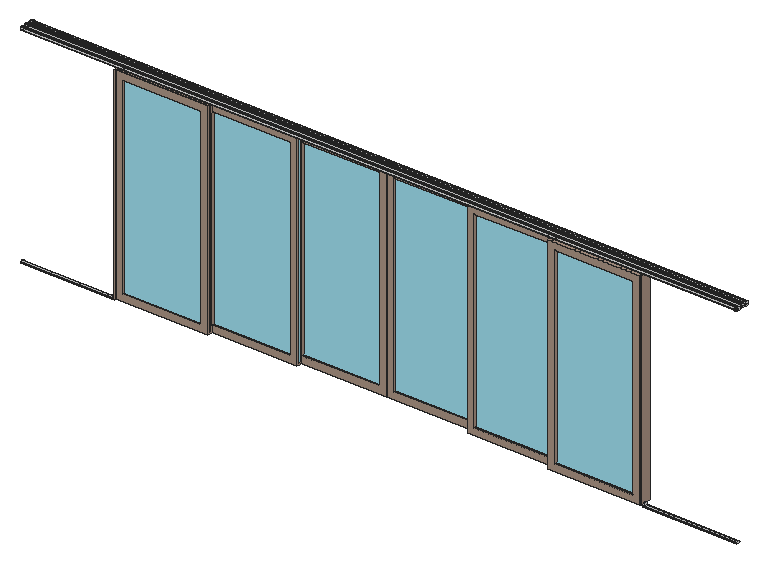
Revit family "Slido 6S Panel Pocket SPW6S XRDLP", category Doors, host Wall, Revit 2016
Family settings
  Host = Wall
  Always vertical = Yes
  Cut with Voids When Loaded = No
  Shared = No
  Room Calculation Point = No
Parameters (values of type "234"x 94 3/8"")
  URL = "www.raydoor.com"
  Type Image = SPW6S.jpg
  Thickness = 2 1/4"  # constant formula
  Rough Width = 1"  # constant formula
  Rough Height = Width / 5.4419  # 43"
  Model = "SPW6S"
  Function = Interior
  Door Material = Door - Panel
  Panel Material = Glass, Cast, Gray
  Height = 94 3/8"
  Trim Projection Ext = 63/64"  # constant formula
  Typ = 3"  # constant formula
  Wall Closure = By host
  Width = 234"
  Assembly Code = "SPW6S XRDLP"
Reference planes (in)
  plane 1: y = 0.00227
  plane 2: z = 0
  plane 3: x = 43
  plane 4: x = -74
  plane 5: x = 160
  plane 6: z = 94.375
  plane 7: x = 157
  plane 8: x = 158.5
  plane 9: x = 119
  plane 10: x = 120.5
  plane 11: x = 122
  plane 12: x = -72.5
  plane 13: x = -71
  plane 14: x = 203.00001
  plane 15: x = 201.00001
  plane 16: z = 92.375
  plane 17: y = -1.12191
  plane 18: y = -3.62191
  plane 19: y = 1.12809
  plane 20: y = -1.37191
  plane 21: y = 1.37809
  plane 22: y = 3.62809
  plane 23: x = 3.5
  plane 24: x = 5
  plane 25: x = 2
  plane 26: x = 44.5
  plane 27: x = 41.5
  plane 28: x = 46
  plane 29: x = 40
  plane 30: x = 81
  plane 31: x = 82.5
  plane 32: x = 84
  plane 33: x = -34.5
  plane 34: x = -33
  plane 35: x = -36
  plane 36: x = -117
  plane 37: x = -115
Forms (in)
  Extrusion 1, void
    sketch origin (-99, -4.30616, 0.25) x (1, 0, 0) y (0, 0, 1)
      loop
        line (259, -0.25) -> (302.00001, -0.25) -> (302.00001, 94.125) -> (259, 94.125) -> (259, -0.25)
    from -8.30842 to -0.30842
  Extrusion 2, void
    sketch origin (-195.25, -5.58383, 0.25) x (1, 0, 0) y (0, 0, 1)
      loop
        line (121.25, -0.25) -> (355.25, -0.25) -> (355.25, 94.125) -> (121.25, 94.125) -> (121.25, -0.25)
    from -12.58609 to 1.41391
  Extrusion 3, solid, material "Door - Panel" <- "Door Material"
    sketch origin (-58, 1.37582, 0.25) x (1, 0, 0) y (0, 0, 1)
      loop
        line (177, 92.125) -> (177, 0.5) -> (218, 0.5) -> (218, 92.125) -> (177, 92.125)
      loop
        line (180, 89.125) -> (180, 3.5) -> (215, 3.5) -> (215, 89.125) -> (180, 89.125)
    from 2.74773 to 4.99609
  Extrusion 4, solid, material "Glass, Cast, Gray" <- "Panel Material"
    sketch origin (-57.74997, -28.72623, 0.25) x (1, 0, 0) y (0, 0, 1)
      loop
        line (176.74998, 92.125) -> (176.74998, 1.375) -> (217.74999, 1.375) -> (217.74999, 92.125) -> (176.74998, 92.125)
    from -26.35104 to -26.10268
  Extrusion 5, void
    sketch origin (-58, -10.89076, -90.75) x (1, 0, 0) y (0, 0, 1)
      loop
        line (177, 92.375) -> (177, 91.5) -> (218, 91.5) -> (218, 92.375) -> (177, 92.375)
    from -8.51557 to -8.26721
  Extrusion 6, solid, material "Door - Panel" <- "Door Material"
    sketch origin (-99, -0.87481, 0.25) x (1, 0, 0) y (0, 0, 1)
      loop
        line (180, 92.125) -> (180, 0.5) -> (221.00001, 0.5) -> (221.00001, 92.125) -> (180, 92.125)
      loop
        line (183, 89.125) -> (183, 3.5) -> (218, 3.5) -> (218, 89.125) -> (183, 89.125)
    from -2.00126 to 0.2471
  Extrusion 7, solid, material "Glass, Cast, Gray" <- "Panel Material"
    sketch origin (-98.99995, -5.33855, 0.25) x (1, 0, 0) y (0, 0, 1)
      loop
        line (179.99995, 92.125) -> (179.99995, 1.375) -> (221.00001, 1.375) -> (221.00001, 92.125) -> (179.99995, 92.125)
    from -5.465 to -5.21664
  Extrusion 8, void
    sketch origin (-99, -13.13912, -90.75) x (1, 0, 0) y (0, 0, 1)
      loop
        line (180, 92.375) -> (180, 91.5) -> (221, 91.5) -> (221, 92.375) -> (180, 92.375)
    from -13.26557 to -13.01721
  Extrusion 9, solid, material "UHMW, White", detail levels medium+fine
    sketch origin (88.27771, -2.98033, 0.25) x (0, 1, 0) y (0, 0, 1)
      loop
        line (-0.04289, 93.875) -> (-0.04289, 92.95898) -> (1.00562, 92.95898) -> (1.00562, 93.875) -> (-0.04289, 93.875)
    from 30.7223 to 33.7223
  Extrusion 10, solid, material "UHMW, White"
    sketch origin (0, 41.42165, -9.0893) x (0, 1, 0) y (0, 0, 1)
      loop
        line (-41.23991, 103.37055) -> (-41.23991, 103.28596) -> (-41.18064, 103.28596) -> (-41.18064, 103.37055) -> (-41.00676, 103.37055) -> (-41.00676, 103.24091) -> (-40.8724, 103.22916) -> (-40.8724, 102.36784) -> (-40.90402, 102.24985) -> (-41.12136, 102.23084) -> (-41.12136, 102.15084) -> (-40.92345, 102.15084)
        arc (-40.92345, 102.15084) -> (-40.88156, 102.17182) -> (-40.83967, 102.15084) r 0.0523
        arc (-40.83967, 102.15084) -> (-40.81252, 102.16209) -> (-40.80127, 102.18925) r 0.0384
        line (-40.80127, 102.18925) -> (-40.80127, 103.34523) -> (-40.84079, 103.34523)
        arc (-40.84079, 103.34523) -> (-40.90599, 103.30759) -> (-40.90599, 103.38288) r 0.04347
        line (-40.90599, 103.38288) -> (-40.90599, 103.4643) -> (-41.9295, 103.4643) -> (-41.9295, 103.38288)
        arc (-41.9295, 103.38288) -> (-41.9295, 103.30759) -> (-41.9947, 103.34523) r 0.04347
        line (-41.9947, 103.34523) -> (-42.03422, 103.34523) -> (-42.03422, 102.18925)
        arc (-42.03422, 102.18925) -> (-42.02297, 102.16209) -> (-41.99581, 102.15084) r 0.0384
        arc (-41.99581, 102.15084) -> (-41.95393, 102.17182) -> (-41.91204, 102.15084) r 0.0523
        line (-41.91204, 102.15084) -> (-41.71412, 102.15084) -> (-41.71412, 102.23084) -> (-41.93147, 102.24985) -> (-41.96309, 102.36784) -> (-41.96309, 103.22916) -> (-41.82873, 103.24091) -> (-41.82873, 103.37055) -> (-41.65485, 103.37055) -> (-41.65485, 103.28596) -> (-41.59557, 103.28596) -> (-41.59557, 103.37055) -> (-41.23991, 103.37055)
    from -117 to 203.00001
  Extrusion 11, solid, material "UHMW, White"
    sketch origin (-41.44048, 0.51566, 94.375) x (0, -1, 0) y (1, 0, 0)
      loop
        circle (3.01213, 161.94048) r 0.125
    from -2 to -0.09375
  Extrusion 12, solid, material "UHMW, White"
    sketch origin (0, 39.17329, -9.0893) x (0, 1, 0) y (0, 0, 1)
      loop
        line (-41.49257, 103.37055) -> (-41.49257, 103.28596) -> (-41.43329, 103.28596) -> (-41.43329, 103.37055) -> (-41.25941, 103.37055) -> (-41.25941, 103.24091) -> (-41.12505, 103.22916) -> (-41.12505, 102.36784) -> (-41.15667, 102.24985) -> (-41.37401, 102.23084) -> (-41.37401, 102.15084) -> (-41.1761, 102.15084)
        arc (-41.1761, 102.15084) -> (-41.13421, 102.17182) -> (-41.09232, 102.15084) r 0.0523
        arc (-41.09232, 102.15084) -> (-41.06517, 102.16209) -> (-41.05392, 102.18925) r 0.0384
        line (-41.05392, 102.18925) -> (-41.05392, 103.34523) -> (-41.09344, 103.34523)
        arc (-41.09344, 103.34523) -> (-41.15864, 103.30759) -> (-41.15864, 103.38288) r 0.04347
        line (-41.15864, 103.38288) -> (-41.15864, 103.4643) -> (-42.18215, 103.4643) -> (-42.18215, 103.38288)
        arc (-42.18215, 103.38288) -> (-42.18215, 103.30759) -> (-42.24735, 103.34523) r 0.04347
        line (-42.24735, 103.34523) -> (-42.28687, 103.34523) -> (-42.28687, 102.18925)
        arc (-42.28687, 102.18925) -> (-42.27562, 102.16209) -> (-42.24846, 102.15084) r 0.0384
        arc (-42.24846, 102.15084) -> (-42.20658, 102.17182) -> (-42.16469, 102.15084) r 0.0523
        line (-42.16469, 102.15084) -> (-41.96678, 102.15084) -> (-41.96678, 102.23084) -> (-42.18412, 102.24985) -> (-42.21574, 102.36784) -> (-42.21574, 103.22916) -> (-42.08138, 103.24091) -> (-42.08138, 103.37055) -> (-41.9075, 103.37055) -> (-41.9075, 103.28596) -> (-41.84822, 103.28596) -> (-41.84822, 103.37055) -> (-41.49257, 103.37055)
    from -117 to 203.00001
  Extrusion 13, solid, material "UHMW, White"
    sketch origin (-92.86615, -12.3062, 94.375) x (0, -1, 0) y (1, 0, 0)
      loop
        circle (-14.81011, 134.36616) r 0.125
    from -2 to 0
  Extrusion 14, solid, material "UHMW, White", detail levels medium+fine
    sketch origin (128.77771, -2.98033, 0.25) x (0, 1, 0) y (0, 0, 1)
      loop
        line (1.16764, -0.25) -> (1.16764, -0.0625) -> (0.60514, -0.0625) -> (0.60514, 0.75) -> (0.41764, 0.75) -> (0.41764, -0.0625) -> (-0.14486, -0.0625) -> (-0.14486, -0.25) -> (1.16764, -0.25)
    from 31.9723 to 74.2223
  Extrusion 15, solid, material "Door - Panel" <- "Door Material"
    sketch origin (0, -1.24691, 0) x (1, 0, 0) y (0, 1, 0)
      loop
        line (160, -2.375) -> (160.75, -2.375) -> (160.75, 2.375) -> (160, 2.375) -> (160, -2.375)
    from 0.75 to 92.375
  Extrusion 16, solid, material "UHMW, White", detail levels medium+fine
    sketch origin (129.52771, -2.98033, 0.5) x (0, 1, 0) y (0, 0, 1)
      loop
        line (1.16764, 1.25) -> (-0.14486, 1.25) -> (-0.14486, 0.25) -> (0.41764, 0.25) -> (0.41764, 0.75) -> (0.60514, 0.75) -> (0.60514, 0.25) -> (1.16764, 0.25) -> (1.16764, 1.25)
    from 31.2223 to 32.2223
  Extrusion 17, solid, material "Door - Panel" <- "Door Material"
    sketch origin (-99, 1.62519, 0.25) x (1, 0, 0) y (0, 0, 1)
      loop
        line (142, 92.125) -> (142, 0.5) -> (183, 0.5) -> (183, 92.125) -> (142, 92.125)
      loop
        line (180, 89.125) -> (145, 89.125) -> (145, 3.5) -> (180, 3.5) -> (180, 89.125)
    from -2.00126 to 0.2471
  Extrusion 18, solid, material "Glass, Cast, Gray" <- "Panel Material"
    sketch origin (-98.99995, -2.83855, 0.25) x (1, 0, 0) y (0, 0, 1)
      loop
        line (141.99995, 92.125) -> (141.99995, 1.375) -> (182.99995, 1.375) -> (182.99995, 92.125) -> (141.99995, 92.125)
    from -5.465 to -5.21664
  Extrusion 19, void
    sketch origin (-99, -10.63912, -90.75) x (1, 0, 0) y (0, 0, 1)
      loop
        line (142, 92.375) -> (142, 91.5) -> (183, 91.5) -> (183, 92.375) -> (142, 92.375)
    from -13.26557 to -13.01721
  Extrusion 20, solid, material "UHMW, White"
    sketch origin (0, 43.92165, -9.0893) x (0, 1, 0) y (0, 0, 1)
      loop
        line (-41.24093, 103.37055) -> (-41.24093, 103.28596) -> (-41.18165, 103.28596) -> (-41.18165, 103.37055) -> (-41.00777, 103.37055) -> (-41.00777, 103.24091) -> (-40.87341, 103.22916) -> (-40.87341, 102.36784) -> (-40.90503, 102.24985) -> (-41.12237, 102.23084) -> (-41.12237, 102.15084) -> (-40.92446, 102.15084)
        arc (-40.92446, 102.15084) -> (-40.88257, 102.17182) -> (-40.84068, 102.15084) r 0.0523
        arc (-40.84068, 102.15084) -> (-40.81353, 102.16209) -> (-40.80228, 102.18925) r 0.0384
        line (-40.80228, 102.18925) -> (-40.80228, 103.34523) -> (-40.8418, 103.34523)
        arc (-40.8418, 103.34523) -> (-40.907, 103.30759) -> (-40.907, 103.38288) r 0.04347
        line (-40.907, 103.38288) -> (-40.907, 103.4643) -> (-41.93051, 103.4643) -> (-41.93051, 103.38288)
        arc (-41.93051, 103.38288) -> (-41.93051, 103.30759) -> (-41.99571, 103.34523) r 0.04347
        line (-41.99571, 103.34523) -> (-42.03523, 103.34523) -> (-42.03523, 102.18925)
        arc (-42.03523, 102.18925) -> (-42.02398, 102.16209) -> (-41.99683, 102.15084) r 0.0384
        arc (-41.99683, 102.15084) -> (-41.95494, 102.17182) -> (-41.91305, 102.15084) r 0.0523
        line (-41.91305, 102.15084) -> (-41.71514, 102.15084) -> (-41.71514, 102.23084) -> (-41.93248, 102.24985) -> (-41.9641, 102.36784) -> (-41.9641, 103.22916) -> (-41.82974, 103.24091) -> (-41.82974, 103.37055) -> (-41.65586, 103.37055) -> (-41.65586, 103.28596) -> (-41.59658, 103.28596) -> (-41.59658, 103.37055) -> (-41.24093, 103.37055)
    from -117 to 203.00001
  Extrusion 21, solid, material "UHMW, White"
    sketch origin (-92.86615, -9.80721, 94.375) x (0, -1, 0) y (1, 0, 0)
      loop
        circle (-12.31112, 137.36616) r 0.125
    from -2 to 0
  Extrusion 22, solid, material "UHMW, White", detail levels medium+fine
    sketch origin (195.8152, 2.01967, 0.25) x (0, 1, 0) y (0, 0, 1)
      loop
        line (-0.04125, 93.875) -> (-0.04125, 92.95898) -> (1.00726, 92.95898) -> (1.00726, 93.875) -> (-0.04125, 93.875)
    from -152.8152 to -149.8152
  Extrusion 23, solid, material "Door - Panel" <- "Door Material"
    sketch origin (-140, 1.62519, 0.25) x (1, 0, 0) y (0, 0, 1)
      loop
        line (142, 92.125) -> (142, 0.5) -> (183, 0.5) -> (183, 92.125) -> (142, 92.125)
      loop
        line (180, 89.125) -> (145, 89.125) -> (145, 3.5) -> (180, 3.5) -> (180, 89.125)
    from -2.0029 to 0.2471
  Extrusion 24, solid, material "Glass, Cast, Gray" <- "Panel Material"
    sketch origin (-139.99995, -2.83855, 0.25) x (1, 0, 0) y (0, 0, 1)
      loop
        line (141.99995, 92.125) -> (141.99995, 1.375) -> (182.99995, 1.375) -> (182.99995, 92.125) -> (141.99995, 92.125)
    from -5.46664 to -5.21828
  Extrusion 25, void
    sketch origin (-140, -10.63912, -90.75) x (1, 0, 0) y (0, 0, 1)
      loop
        line (142, 92.375) -> (142, 91.5) -> (183, 91.5) -> (183, 92.375) -> (142, 92.375)
    from -13.26557 to -13.01721
  Extrusion 26, solid, material "UHMW, White", detail levels medium+fine
    sketch origin (154.8152, 2.01967, 0.25) x (0, 1, 0) y (0, 0, 1)
      loop
        line (-0.04125, 93.875) -> (-0.04125, 92.95898) -> (1.00726, 92.95898) -> (1.00726, 93.875) -> (-0.04125, 93.875)
    from -152.8152 to -149.8152
  Extrusion 27, solid, material "UHMW, White"
    sketch origin (-92.86615, -14.8062, 94.375) x (0, -1, 0) y (1, 0, 0)
      loop
        circle (-14.81011, 175.36616) r 0.125
    from -2 to 0
  Extrusion 28, solid, material "Door - Panel" <- "Door Material"
    sketch origin (-216, -0.87481, 0.25) x (1, 0, 0) y (0, 0, 1)
      loop
        line (180, 92.125) -> (180, 0.5) -> (221, 0.5) -> (221, 92.125) -> (180, 92.125)
      loop
        line (183, 89.125) -> (183, 3.5) -> (218, 3.5) -> (218, 89.125) -> (183, 89.125)
    from -2.0029 to 0.2471
  Extrusion 29, solid, material "Glass, Cast, Gray" <- "Panel Material"
    sketch origin (-215.99995, -5.33855, 0.25) x (1, 0, 0) y (0, 0, 1)
      loop
        line (179.99995, 92.125) -> (179.99995, 1.375) -> (220.99995, 1.375) -> (220.99995, 92.125) -> (179.99995, 92.125)
    from -5.46664 to -5.21828
  Extrusion 30, void
    sketch origin (-216, -13.13912, -90.75) x (1, 0, 0) y (0, 0, 1)
      loop
        line (180, 92.375) -> (180, 91.5) -> (221, 91.5) -> (221, 92.375) -> (180, 92.375)
    from -13.26557 to -13.01721
  Extrusion 31, solid, material "UHMW, White"
    sketch origin (-209.86615, -14.8062, 94.375) x (0, -1, 0) y (1, 0, 0)
      loop
        circle (-14.81011, 213.36616) r 0.125
    from -2 to 0
  Extrusion 32, solid, material "Door - Panel" <- "Door Material"
    sketch origin (-251, 1.37582, 0.25) x (1, 0, 0) y (0, 0, 1)
      loop
        line (177, 92.125) -> (177, 0.5) -> (218, 0.5) -> (218, 92.125) -> (177, 92.125)
      loop
        line (180, 89.125) -> (180, 3.5) -> (215, 3.5) -> (215, 89.125) -> (180, 89.125)
    from 2.74773 to 4.99773
  Extrusion 33, solid, material "Glass, Cast, Gray" <- "Panel Material"
    sketch origin (-250.74997, -28.72623, 0.25) x (1, 0, 0) y (0, 0, 1)
      loop
        line (176.74998, 92.125) -> (176.74998, 1.375) -> (217.74998, 1.375) -> (217.74998, 92.125) -> (176.74998, 92.125)
    from -26.35104 to -26.10268
  Extrusion 34, void
    sketch origin (-251, -10.89076, -90.75) x (1, 0, 0) y (0, 0, 1)
      loop
        line (177, 92.375) -> (177, 91.5) -> (218, 91.5) -> (218, 92.375) -> (177, 92.375)
    from -8.51557 to -8.26721
  Extrusion 35, solid, material "UHMW, White", detail levels medium+fine
    sketch origin (-104.72229, -2.98033, 0.25) x (0, 1, 0) y (0, 0, 1)
      loop
        line (-0.04289, 93.875) -> (-0.04289, 92.95898) -> (1.00562, 92.95898) -> (1.00562, 93.875) -> (-0.04289, 93.875)
    from 30.7223 to 33.7223
  Extrusion 36, solid, material "UHMW, White"
    sketch origin (-234.44048, 0.51566, 94.375) x (0, -1, 0) y (1, 0, 0)
      loop
        circle (3.01213, 199.94048) r 0.125
    from -2 to -0.09375
  Extrusion 37, void
    sketch origin (185.00001, -4.30616, 0.25) x (-1, 0, 0) y (0, 0, -1)
      loop
        line (259, 0.25) -> (259, -94.125) -> (302.00001, -94.125) -> (302.00001, 0.25) -> (259, 0.25)
    from -8.30842 to -0.30842
  Extrusion 38, solid, material "UHMW, White", detail levels medium+fine
    sketch origin (-42.7777, -2.98033, 0.25) x (0, 1, 0) y (0, 0, -1)
      loop
        line (1.16764, 0.25) -> (-0.14486, 0.25) -> (-0.14486, 0.0625) -> (0.41764, 0.0625) -> (0.41764, -0.75) -> (0.60514, -0.75) -> (0.60514, 0.0625) -> (1.16764, 0.0625) -> (1.16764, 0.25)
    from 31.9723 to 74.2223
  Extrusion 39, solid, material "Door - Panel" <- "Door Material"
    sketch origin (86.00001, -1.24691, 0) x (-1, 0, 0) y (0, -1, 0)
      loop
        line (160, 2.375) -> (160, -4.875) -> (160.75, -4.875) -> (160.75, 2.375) -> (160, 2.375)
    from 0.75 to 92.375
  Extrusion 40, solid, material "UHMW, White", detail levels medium+fine
    sketch origin (-43.5277, -2.98033, 0.5) x (0, 1, 0) y (0, 0, -1)
      loop
        line (1.16764, -1.25) -> (1.16764, -0.25) -> (0.60514, -0.25) -> (0.60514, -0.75) -> (0.41764, -0.75) -> (0.41764, -0.25) -> (-0.14486, -0.25) -> (-0.14486, -1.25) -> (1.16764, -1.25)
    from 31.2223 to 32.2223
Cuts and joins
  Extrusion 5, Extrusion 34, Extrusion 37 cuts Extrusion 3
  Extrusion 5, Extrusion 34, Extrusion 37 cuts Extrusion 4
  Extrusion 5, Extrusion 34, Extrusion 37 cuts Extrusion 14
  Extrusion 5, Extrusion 34, Extrusion 37 cuts Extrusion 15
  Extrusion 8, Extrusion 19, Extrusion 30 cuts Extrusion 6
  Extrusion 8, Extrusion 19, Extrusion 30 cuts Extrusion 7
  Extrusion 19, Extrusion 25 cuts Extrusion 17
  Extrusion 19, Extrusion 25 cuts Extrusion 18
  Extrusion 25 cuts Extrusion 23
  Extrusion 25 cuts Extrusion 24
  Extrusion 30 cuts Extrusion 28
  Extrusion 30 cuts Extrusion 29
  Extrusion 34 cuts Extrusion 32
  Extrusion 34 cuts Extrusion 33
  Extrusion 37 cuts Extrusion 16
Lines and regions (in)
  Masking region 1
    outline origin (-7.24693, 25.79901, 0) x (1, 0, 0) y (0, 1, 0)
      loop
        line (208.99694, -29.42092) -> (208.99694, -28.9242) -> (209.99694, -28.9242) -> (209.99694, -27.6117) -> (208.99694, -27.6117) -> (208.99694, -22.17092) -> (208.24694, -22.17092) -> (208.24694, -27.17092) -> (167.24694, -27.17092) -> (167.24694, -29.42092) -> (208.99694, -29.42092)
  Masking region 2
    outline origin (-7.24693, 28.04284, 0) x (1, 0, 0) y (0, 1, 0)
      loop
        line (208.24694, -29.16475) -> (208.24694, -26.91475) -> (167.24694, -26.91475) -> (167.24694, -29.16475) -> (208.24694, -29.16475)
  Masking region 3
    outline origin (-7.24693, 30.54284, 0) x (1, 0, 0) y (0, 1, 0)
      loop
        line (208.24694, -29.16475) -> (208.24694, -26.91475) -> (167.24694, -26.91475) -> (167.24694, -29.16475) -> (208.24694, -29.16475)
  Masking region 4
    outline origin (-283.49693, 30.54284, 0) x (1, 0, 0) y (0, 1, 0)
      loop
        line (209.49694, -29.16475) -> (209.49694, -26.91475) -> (168.49693, -26.91475) -> (168.49693, -29.16475) -> (209.49694, -29.16475)
  Masking region 5
    outline origin (-293.49693, 28.04284, 0) x (1, 0, 0) y (0, 1, 0)
      loop
        line (219.49694, -29.16475) -> (219.49694, -26.91475) -> (178.49693, -26.91475) -> (178.49693, -29.16475) -> (219.49694, -29.16475)
  Masking region 6
    outline origin (93.24694, 25.79901, 0) x (-1, 0, 0) y (0, -1, 0)
      loop
        line (208.99694, 29.42092) -> (167.24694, 29.42092) -> (167.24694, 27.17092) -> (208.24694, 27.17092) -> (208.24694, 22.17092) -> (208.99694, 22.17092) -> (208.99694, 27.6117) -> (209.99694, 27.6117) -> (209.99694, 28.9242) -> (208.99694, 28.9242) -> (208.99694, 29.42092)
  symbolic lines, style "Elevation Swing"
    curve 1: line (91.5, 0, 37.98833) -> (111.5, 0, 37.98833)
    curve 2: line (111.5, 0, 32.79755) -> (91.5, 0, 32.79755)
    curve 3: line (91.5, 0, 37.98833) -> (95.83013, 0, 40.48833)
    curve 8: line (107.16988, 0, 30.29755) -> (111.5, 0, 32.79755)
    curve 13: line (-5.5, 0, 37.98833) -> (-25.5, 0, 37.98833)
    curve 14: line (-25.5, 0, 32.79755) -> (-5.5, 0, 32.79755)
    curve 15: line (-5.5, 0, 37.98833) -> (-9.83012, 0, 40.48833)
    curve 16: line (-21.16987, 0, 30.29755) -> (-25.5, 0, 32.79755)
  symbolic lines, style "Plan Swing", detail levels medium+fine
    curve 4: line (201.75001, -3.62191, 0) -> (201.75001, 1.12809, 0)
    curve 5: line (201.00001, -3.62191, 0) -> (201.00001, 1.12809, 0)
    curve 21: line (-115.75, -3.62191, 0) -> (-115.75, 1.12809, 0)
    curve 22: line (-115, -3.62191, 0) -> (-115, 1.12809, 0)
  model lines
    curve 6: line (-74, 7.00227, 0) -> (160, 7.00227, 0)
    curve 7: line (-74, -6.99773, 0) -> (160, -6.99773, 0)
  symbolic lines, style "Plan Swing"
    curve 9: line (116.5, -18.55138, 0) -> (86.5, -18.55138, 0)
    curve 10: line (86.5, -18.55138, 0) -> (88.62132, -16.43006, 0)
    curve 11: line (116.5, -20.07036, 0) -> (86.5, -20.07036, 0)
    curve 12: line (114.37868, -22.19168, 0) -> (116.5, -20.07036, 0)
    curve 17: line (-0.5, -18.55138, 0) -> (-30.5, -18.55138, 0)
    curve 18: line (-30.5, -18.55138, 0) -> (-28.37868, -16.43006, 0)
    curve 19: line (-0.5, -20.07036, 0) -> (-30.5, -20.07036, 0)
    curve 20: line (-2.62132, -22.19168, 0) -> (-0.5, -20.07036, 0)
Dimensions and locks (in)
  equal spacing: plane 4, plane 3, plane 5
  "Width": plane 4 to plane 5
  "Height": plane 6 to plane 2
  equal spacing: plane 7, plane 8, plane 5, locked at 1.5 each
  "Typ": plane 7 to plane 5
  equal spacing: plane 9, plane 10, plane 11, locked at 1.5 each
  "Typ": plane 9 to plane 11
  equal spacing: plane 12, plane 33, plane 23, plane 27
  "Typ": plane 4 to plane 13
  equal spacing: plane 4, plane 12, plane 13, locked at 1.5 each
  "Rough Height": plane 5 to plane 14
  locked: plane 15 to plane 14 at 2
  "Typ": Extrusion 3 sketch curve to Extrusion 3 sketch curve  (x2)
  locked: Extrusion 4 to Extrusion 4 at 0.24836
  locked: Extrusion 4 sketch curve to Extrusion 3 at 0.875
  locked: Extrusion 5 to Extrusion 5 at 0.24836
  "Typ": Extrusion 6 sketch curve to Extrusion 6 sketch curve  (x2)
  locked: Extrusion 7 to Extrusion 7 at 0.24836
  locked: Extrusion 6 to Extrusion 7 at 1
  locked: Extrusion 7 sketch curve to Extrusion 6 at 0.875
  locked: Extrusion 8 to Extrusion 8 at 0.24836
  locked: plane 17 to plane 20 at 0.25
  "Thickness": plane 19 to plane 17
  "Thickness": plane 20 to plane 18
  Extrusion 14 sketch curve to Extrusion 14 sketch curve = 3/16"
  locked: Extrusion 14 sketch curve to Extrusion 14 sketch curve at 0.5625  (x2)
  locked: Extrusion 14 sketch curve to Extrusion 14 sketch curve at 0.1875
  locked: Extrusion 16 sketch curve to Extrusion 16 sketch curve at 1
  locked: Extrusion 16 sketch curve to Extrusion 16 sketch curve at 0.5625  (x2)
  locked: Extrusion 16 sketch curve to Extrusion 16 sketch curve at 0.1875
  locked: Extrusion 15 to Extrusion 16 at 1
  locked: plane 20 to cut or joined group of Extrusion 4, Extrusion 5, Extrusion 34, Extrusion 37 at 1.00328
  "Typ": Extrusion 17 sketch curve to Extrusion 17 sketch curve  (x2)
  locked: Extrusion 18 to Extrusion 18 at 0.24836
  locked: Extrusion 17 to Extrusion 18 at 1
  locked: Extrusion 18 sketch curve to Extrusion 17 at 0.875
  locked: Extrusion 19 to Extrusion 19 at 0.24836
  locked: plane 21 to plane 19 at 0.25
  "Thickness": plane 22 to plane 21
  locked: plane 22 to Extrusion 21 sketch curve at 1.24918
  plane 25 to plane 23 to plane 24 = 1 1/2" locked, 1 1/2" locked
  locked: plane 5 to cut or joined group of Extrusion 5, Extrusion 15, Extrusion 34, Extrusion 37 at 0.75
  locked: plane 22 to Extrusion 13 sketch curve at 0.99918
  locked: plane 29 to Extrusion 13 sketch curve at 1.625
  locked: Extrusion 11 sketch curve to plane 11 at 1.375
  locked: Extrusion 11 sketch curve to plane 18 at 1.00044
  equal spacing: plane 3, plane 26, plane 28, locked at 1.5 each
  "Typ": plane 3 to plane 28
  equal spacing: plane 29, plane 27, plane 3, locked at 1.5 each
  "Typ": plane 29 to plane 3
  equal spacing: plane 30, plane 31, plane 32, locked at 1.5 each
  "Typ": plane 30 to plane 32
  equal spacing: plane 26, plane 31, plane 10, plane 8
  equal spacing: host wall, plane 1, host wall, locked at 4 each
  locked: Extrusion 21 sketch curve to plane 28 at 1.375
  "Typ": Extrusion 23 sketch curve to Extrusion 23 sketch curve  (x2)
  locked: Extrusion 24 to Extrusion 24 at 0.24836
  locked: Extrusion 23 to Extrusion 24 at 1
  locked: Extrusion 24 sketch curve to Extrusion 23 at 0.875
  locked: Extrusion 25 to Extrusion 25 at 0.24836
  "Typ": plane 25 to plane 24
  plane 35 to plane 33 to plane 34 = 1 1/2" locked, 1 1/2" locked
  "Typ": plane 35 to plane 34
  locked: Extrusion 27 sketch curve to plane 32 at 1.375
  locked: plane 19 to Extrusion 27 sketch curve at 0.99918
  "Typ": Extrusion 28 sketch curve to Extrusion 28 sketch curve  (x2)
  locked: Extrusion 29 to Extrusion 29 at 0.24836
  locked: Extrusion 28 to Extrusion 29 at 1
  locked: Extrusion 29 sketch curve to Extrusion 28 at 0.875
  locked: Extrusion 30 to Extrusion 30 at 0.24836
  "Typ": Extrusion 32 sketch curve to Extrusion 32 sketch curve  (x2)
  locked: Extrusion 33 to Extrusion 33 at 0.24836
  locked: Extrusion 33 sketch curve to Extrusion 32 at 0.875
  locked: Extrusion 34 to Extrusion 34 at 0.24836
  "Rough Height": plane 4 to plane 36
  locked: plane 37 to plane 36 at 2
  Masking region 6 sketch curve to Masking region 6 sketch curve to Masking region 6 sketch curve = 0.49672" locked, 1 5/16" locked
  Masking region 6 sketch curve to Masking region 6 sketch curve to plane 37 = 1" locked, 3/4" locked
  locked: Extrusion 36 sketch curve to plane 34 at 1.375
  locked: plane 20 to Extrusion 36 sketch curve at 0.99956
  locked: Extrusion 31 sketch curve to plane 24 at 1.375
  locked: plane 19 to Extrusion 31 sketch curve at 1.24918
  Extrusion 38 sketch curve to Extrusion 38 sketch curve = 3/16"
  locked: Extrusion 38 sketch curve to Extrusion 38 sketch curve at 0.5625  (x2)
  locked: Extrusion 38 sketch curve to Extrusion 38 sketch curve at 0.1875
  locked: Extrusion 40 sketch curve to Extrusion 40 sketch curve at 1
  locked: Extrusion 40 sketch curve to Extrusion 40 sketch curve at 0.5625  (x2)
  locked: Extrusion 40 sketch curve to Extrusion 40 sketch curve at 0.1875
  locked: Extrusion 39 to Extrusion 40 at 1
  locked: Extrusion 39 to plane 4 at 0.75
  Extrusion 39 to level = 3/4"
  locked: plane 16 to plane 6 at 2
  plane 22 to plane 21 = 2 1/4"
  plane 19 to plane 17 = 2 1/4"
  plane 20 to plane 18 = 2 1/4"
  plane 22 to plane 18 = 7 1/4"
  Extrusion 20 to Extrusion 20 = 1.23295"
  Extrusion 10 to Extrusion 10 = 1.23295"
  Extrusion 12 to Extrusion 12 = 1.23295"
  plane 21 to plane 19 = 1/4"
  plane 17 to plane 20 = 1/4"
  Extrusion 12 to plane 6 = 1.31346"
  diameter of Extrusion 21 sketch curve = 1/4"
  diameter of Extrusion 13 sketch curve = 1/4"
  diameter of Extrusion 11 sketch curve = 1/4"
  diameter of Extrusion 27 sketch curve = 1/4"
  diameter of Extrusion 31 sketch curve = 1/4"
  diameter of Extrusion 36 sketch curve = 1/4"
  aligned and locked: Extrusion 1 sketch curve to plane 6
  aligned and locked: Extrusion 1 to plane 14
  aligned and locked: plane 4 to Extrusion 2
  aligned and locked: host wall to Extrusion 2  (x2)
  aligned and locked: Extrusion 2 to plane 5
  aligned and locked: plane 5 to Extrusion 1
  aligned and locked: Extrusion 2 to level
  aligned and locked: level to Extrusion 1 sketch curve
  aligned and locked: Extrusion 3 to Extrusion 4
  aligned and locked: Extrusion 3 to Extrusion 5  (x2)
  aligned and locked: Extrusion 6 to Extrusion 7
  aligned and locked: Extrusion 6 to Extrusion 8
  aligned and locked: Masking region 2 to plane 19
  aligned and locked: plane 17 to Masking region 2
  aligned and locked: Extrusion 11 to Extrusion 10
  aligned and locked: Masking region 1 to plane 20
  aligned and locked: plane 18 to Masking region 1
  aligned and locked: Extrusion 14 sketch curve to Extrusion 14 sketch curve
  aligned and locked: plane 18 to Extrusion 15 sketch curve
  aligned and locked: Extrusion 15 sketch curve to plane 19
  aligned and locked: Extrusion 16 to Extrusion 15
  aligned and locked: Extrusion 16 to Masking region 1 sketch curve
  aligned and locked: Masking region 1 sketch curve to Masking region 1 sketch curve
  aligned and locked: Masking region 1 sketch curve to Extrusion 16
  aligned and locked: Extrusion 17 to Extrusion 18
  aligned and locked: Extrusion 17 to Extrusion 19  (x2)
  aligned and locked: Masking region 3 to plane 22
  aligned and locked: plane 21 to Masking region 3
  aligned and locked: Extrusion 19 to cut or joined group of Extrusion 17, Extrusion 19, Extrusion 25
  aligned and locked: Masking region 1 sketch curve to plane 22
  aligned and locked: cut or joined group of Extrusion 5, Extrusion 15, Extrusion 34, Extrusion 37 to plane 16
  aligned and locked: Extrusion 9 to plane 11
  aligned and locked: plane 9 to Extrusion 9
  aligned and locked: cut or joined group of Extrusion 5, Extrusion 14, Extrusion 34, Extrusion 37 to plane 14
  aligned and locked: Extrusion 12 to plane 14
  aligned and locked: Extrusion 10 to plane 14
  aligned and locked: Extrusion 20 to plane 14
  aligned and locked: Extrusion 8 to cut or joined group of Extrusion 7, Extrusion 8, Extrusion 19, Extrusion 30
  aligned and locked: cut or joined group of Extrusion 6, Extrusion 8, Extrusion 19, Extrusion 30 to plane 32
  aligned and locked: plane 30 to cut or joined group of Extrusion 6, Extrusion 8, Extrusion 19, Extrusion 30
  aligned and locked: plane 30 to cut or joined group of Extrusion 7, Extrusion 8, Extrusion 19, Extrusion 30
  aligned and locked: cut or joined group of Extrusion 17, Extrusion 19, Extrusion 25 to Extrusion 18
  aligned and locked: cut or joined group of Extrusion 17, Extrusion 19, Extrusion 25 to cut or joined group of Extrusion 18, Extrusion 19, Extrusion 25
  aligned and locked: cut or joined group of Extrusion 17, Extrusion 19, Extrusion 25 to plane 32
  aligned and locked: cut or joined group of Extrusion 17, Extrusion 19, Extrusion 25 to cut or joined group of Extrusion 17, Extrusion 19, Extrusion 25
  aligned and locked: cut or joined group of Extrusion 17, Extrusion 19, Extrusion 25 to plane 28
  aligned and locked: cut or joined group of Extrusion 17, Extrusion 19, Extrusion 25 to plane 3
  aligned and locked: plane 30 to cut or joined group of Extrusion 17, Extrusion 19, Extrusion 25
  aligned and locked: Extrusion 22 to plane 3
  aligned and locked: Extrusion 22 to plane 28
  aligned and locked: Extrusion 23 to Extrusion 24
  aligned and locked: Extrusion 23 to Extrusion 25  (x2)
  aligned and locked: Extrusion 25 to cut or joined group of Extrusion 24, Extrusion 25
  aligned and locked: plane 3 to cut or joined group of Extrusion 24, Extrusion 25
  aligned and locked: plane 3 to cut or joined group of Extrusion 23, Extrusion 25
  aligned and locked: cut or joined group of Extrusion 23, Extrusion 25 to plane 29
  aligned and locked: plane 22 to cut or joined group of Extrusion 23, Extrusion 25
  aligned and locked: cut or joined group of Extrusion 23, Extrusion 25 to plane 21
  aligned and locked: cut or joined group of Extrusion 23, Extrusion 25 to plane 24
  aligned and locked: cut or joined group of Extrusion 23, Extrusion 25 to plane 25
  aligned and locked: cut or joined group of Extrusion 24, Extrusion 25 to plane 25
  aligned and locked: Extrusion 28 to Extrusion 29
  aligned and locked: Extrusion 28 to Extrusion 30
  aligned and locked: plane 19 to cut or joined group of Extrusion 28, Extrusion 30
  aligned and locked: cut or joined group of Extrusion 28, Extrusion 30 to plane 17
  aligned and locked: plane 17 to cut or joined group of Extrusion 28, Extrusion 30
  aligned and locked: cut or joined group of Extrusion 28, Extrusion 30 to plane 24
  aligned and locked: cut or joined group of Extrusion 29, Extrusion 30 to plane 24
  aligned and locked: cut or joined group of Extrusion 28, Extrusion 30 to plane 25
  aligned and locked: cut or joined group of Extrusion 28, Extrusion 30 to plane 34
  aligned and locked: cut or joined group of Extrusion 28, Extrusion 30 to plane 35
  aligned and locked: cut or joined group of Extrusion 29, Extrusion 30 to plane 35
  aligned and locked: Extrusion 32 to Extrusion 33
  aligned and locked: Extrusion 32 to Extrusion 34  (x2)
  aligned and locked: plane 20 to cut or joined group of Extrusion 32, Extrusion 34
  aligned and locked: cut or joined group of Extrusion 32, Extrusion 34 to plane 18
  aligned and locked: cut or joined group of Extrusion 33, Extrusion 34 to plane 34
  aligned and locked: cut or joined group of Extrusion 32, Extrusion 34 to plane 34
  aligned and locked: plane 4 to cut or joined group of Extrusion 32, Extrusion 34
  aligned and locked: plane 4 to cut or joined group of Extrusion 33, Extrusion 34
  aligned and locked: cut or joined group of Extrusion 32, Extrusion 34 to plane 13
  aligned and locked: plane 36 to Extrusion 37
  aligned and locked: level to Extrusion 37 sketch curve
  aligned and locked: plane 6 to Extrusion 37
  aligned and locked: Masking region 4 to plane 21
  aligned and locked: plane 22 to Masking region 4
  aligned and locked: Masking region 4 to plane 4
  aligned and locked: Masking region 4 to plane 37
  aligned and locked: Masking region 5 to plane 4
  aligned and locked: plane 19 to Masking region 5
  aligned and locked: Masking region 5 to plane 17
  aligned and locked: Masking region 5 to plane 37
  aligned and locked: Masking region 6 sketch curve to Masking region 6 sketch curve
  aligned and locked: Masking region 6 sketch curve to plane 37
  aligned and locked: Masking region 6 sketch curve to plane 18
  aligned and locked: plane 20 to Masking region 6 sketch curve
  aligned and locked: Masking region 6 sketch curve to plane 4
  aligned and locked: curve 21 to Masking region 6
  aligned and locked: plane 37 to curve 22
  aligned and locked: Extrusion 20 to plane 36
  aligned and locked: Extrusion 10 to plane 36
  aligned and locked: Extrusion 12 to plane 36
  aligned and locked: Extrusion 38 sketch curve to Extrusion 38 sketch curve
  aligned and locked: Extrusion 39 to Extrusion 40
  aligned and locked: Extrusion 39 to plane 4
  aligned and locked: plane 22 to Extrusion 39
  aligned and locked: Extrusion 39 to plane 18
  aligned and locked: Extrusion 38 to plane 36
  aligned and locked: cut or joined group of Extrusion 32, Extrusion 34 to plane 35
  aligned and locked: cut or joined group of Extrusion 5, Extrusion 14, Extrusion 34, Extrusion 37 to cut or joined group of Extrusion 5, Extrusion 15, Extrusion 34, Extrusion 37
  aligned and locked: Extrusion 38 to Extrusion 39
  aligned and locked: plane 16 to Extrusion 13
  aligned and locked: plane 16 to Extrusion 21
  aligned and locked: plane 16 to Extrusion 31
  aligned and locked: plane 16 to Extrusion 27
  aligned and locked: plane 16 to Extrusion 36
  aligned and locked: plane 16 to Extrusion 11
  aligned and locked: Extrusion 39 to plane 16
  aligned and locked: Extrusion 39 to cut or joined group of Extrusion 28, Extrusion 30
  aligned and locked: Extrusion 39 to cut or joined group of Extrusion 6, Extrusion 8, Extrusion 19, Extrusion 30
  aligned and locked: Extrusion 39 to cut or joined group of Extrusion 5, Extrusion 15, Extrusion 34, Extrusion 37
  aligned and locked: Extrusion 39 to cut or joined group of Extrusion 32, Extrusion 34
  aligned and locked: Extrusion 39 to cut or joined group of Extrusion 3, Extrusion 5, Extrusion 34, Extrusion 37
  aligned and locked: cut or joined group of Extrusion 23, Extrusion 25 to Extrusion 39
  aligned and locked: Extrusion 39 to cut or joined group of Extrusion 17, Extrusion 19, Extrusion 25
Automatic sketch dimensions
  curve 15 to plane 25 = 7 1/2"
  level to curve 15 = 37.98833"
  curve 3 to plane 32 = 7 1/2"
  level to curve 3 = 37.98833"
  curve 16 to plane 34 = 7 1/2"
  curve 13 to curve 16 = 5.19077"
  curve 1 to curve 2 = 5.19077"
  plane 9 to curve 2 = 7 1/2"
  curve 3 to plane 32 = 11.83013"
  curve 3 to curve 1 = 2 1/2"
  curve 15 to plane 25 = 11.83013"
  curve 15 to curve 13 = 2 1/2"
  curve 16 to plane 34 = 11.83013"
  curve 14 to curve 16 = 2 1/2"
  plane 9 to curve 8 = 11.83013"
  curve 2 to curve 8 = 2 1/2"
  curve 13 to curve 14 = 0"  (x2)
  curve 1 to curve 2 = 0"  (x2)
  curve 5 to plane 15 = 0"
  plane 18 to curve 4 = 0"
  plane 19 to curve 4 = 0"
  plane 18 to curve 5 = 0"
  curve 22 to plane 18 = 0"
  curve 21 to plane 18 = 0"
  curve 21 to plane 19 = 0"
  curve 22 to plane 19 = 0"
  plane 19 to curve 5 = 0"
  curve 18 to plane 34 = 2 1/2"
  curve 20 to plane 25 = 2 1/2"
  curve 10 to plane 32 = 2 1/2"
  plane 9 to curve 11 = 2 1/2"
  host wall to curve 17 = 11.55364"
  host wall to curve 9 = 11.55364"
  curve 11 to curve 9 = 1.51898"
  curve 20 to curve 17 = 1.51898"
  curve 19 to curve 17 = 0"
  curve 17 to curve 18 = 2.12132"  (x2)
  curve 20 to curve 19 = 2.12132"  (x2)
  curve 17 to curve 19 = 0"
  curve 11 to curve 9 = 0"
  curve 9 to curve 10 = 2.12132"  (x2)
  curve 12 to curve 11 = 2.12132"  (x2)
  curve 9 to curve 11 = 0"
  curve 4 to plane 15 = 3/4"
  plane 5 to Extrusion 1 sketch curve = 0"
  plane 14 to Extrusion 1 sketch curve = 0"
  plane 4 to Extrusion 2 sketch curve = 0"
  plane 5 to Extrusion 2 sketch curve = 0"
  Extrusion 2 sketch curve to level = 0"
  Extrusion 2 sketch curve to plane 6 = 0"
  Masking region 1 sketch curve to plane 5 = 0"
  Masking region 1 sketch curve to plane 15 = 0"
  plane 18 to Masking region 1 sketch curve = 0"
  plane 20 to Masking region 1 sketch curve = 0"
  Masking region 1 sketch curve to plane 15 = 3/4"
  plane 14 to Masking region 1 sketch curve = 1/4"
  Masking region 2 sketch curve to plane 5 = 0"
  Masking region 2 sketch curve to plane 15 = 0"
  plane 17 to Masking region 2 sketch curve = 0"
  plane 19 to Masking region 2 sketch curve = 0"
  plane 9 to Extrusion 3 sketch curve = 0"
  plane 7 to Extrusion 3 sketch curve = 0"
  plane 5 to Extrusion 3 sketch curve = 0"
  Extrusion 3 sketch curve to plane 16 = 0"
  plane 11 to Extrusion 3 sketch curve = 0"
  level to Extrusion 3 sketch curve = 3 3/4"
  plane 9 to Extrusion 4 sketch curve = 0"
  Extrusion 4 sketch curve to plane 16 = 0"
  Extrusion 4 sketch curve to plane 5 = 0"
  plane 9 to Extrusion 5 sketch curve = 0"
  plane 5 to Extrusion 5 sketch curve = 0"
  level to Extrusion 5 sketch curve = 3/4"
  Extrusion 5 sketch curve to Extrusion 5 sketch curve = 7/8"
  plane 30 to Extrusion 6 sketch curve = 0"
  plane 32 to Extrusion 6 sketch curve = 0"
  plane 9 to Extrusion 6 sketch curve = 0"
  Extrusion 6 sketch curve to plane 16 = 0"
  Extrusion 6 sketch curve to plane 11 = 0"
  level to Extrusion 6 sketch curve = 3 3/4"
  plane 30 to Extrusion 7 sketch curve = 0"
  Extrusion 7 sketch curve to plane 16 = 0"
  Extrusion 7 sketch curve to plane 11 = 0.00005"
  plane 30 to Extrusion 8 sketch curve = 0"
  plane 11 to Extrusion 8 sketch curve = 0"
  level to Extrusion 8 sketch curve = 3/4"
  Extrusion 8 sketch curve to Extrusion 8 sketch curve = 7/8"
  plane 18 to Extrusion 9 sketch curve = 0.59869"
  Extrusion 9 sketch curve to plane 20 = 0.6028"
  Extrusion 9 sketch curve to plane 16 = 0.83398"
  plane 6 to Extrusion 9 sketch curve = 1/4"
  plane 6 to Extrusion 10 sketch curve = 0"
  plane 6 to Extrusion 10 sketch curve = 0.11907"  (x2)
  plane 17 to Extrusion 10 sketch curve = 0.50935"
  Extrusion 10 sketch curve to Extrusion 10 sketch curve = 0.0384"  (x2)
  Extrusion 10 sketch curve to Extrusion 10 sketch curve = 0.03952"
  Extrusion 10 sketch curve to Extrusion 10 sketch curve = 0.03273"
  Extrusion 10 sketch curve to Extrusion 10 sketch curve = 0.04189"  (x4)
  Extrusion 10 sketch curve to Extrusion 10 sketch curve = 0.04347"  (x2)
  Extrusion 10 sketch curve to Extrusion 10 sketch curve = 0.06434"
  Extrusion 10 sketch curve to Extrusion 10 sketch curve = 0.02173"  (x2)
  Extrusion 10 sketch curve to Extrusion 10 sketch curve = 0.13436"
  Extrusion 10 sketch curve to Extrusion 10 sketch curve = 0.19792"  (x2)
  Extrusion 10 sketch curve to Extrusion 10 sketch curve = 0.17388"  (x2)
  Extrusion 10 sketch curve to Extrusion 10 sketch curve = 0.05928"  (x2)
  Extrusion 10 sketch curve to host wall = 0.17947"
  Extrusion 10 sketch curve to host wall = 0.29802"
  Extrusion 10 sketch curve to Extrusion 10 sketch curve = 0.10077"
  Extrusion 10 sketch curve to Extrusion 10 sketch curve = 0.01943"
  Extrusion 10 sketch curve to Extrusion 10 sketch curve = 0.03161"
  plane 6 to Extrusion 10 sketch curve = 0.17835"  (x2)
  Extrusion 10 sketch curve to Extrusion 10 sketch curve = 0.10432"  (x2)
  Extrusion 10 sketch curve to Extrusion 10 sketch curve = 0.11608"  (x2)
  Extrusion 10 sketch curve to Extrusion 10 sketch curve = 0.86132"  (x2)
  Extrusion 10 sketch curve to Extrusion 10 sketch curve = 0.11799"  (x2)
  Extrusion 10 sketch curve to Extrusion 10 sketch curve = 0.01902"  (x2)
  Extrusion 10 sketch curve to Extrusion 10 sketch curve = 0.06061"  (x2)
  Extrusion 10 sketch curve to Extrusion 10 sketch curve = 0.03133"  (x2)
  plane 6 to Extrusion 10 sketch curve = 3/32"
  Extrusion 10 sketch curve to Extrusion 10 sketch curve = 0"  (x2)
  plane 6 to Extrusion 12 sketch curve = 0"
  plane 6 to Extrusion 12 sketch curve = 0.11907"  (x2)
  plane 18 to Extrusion 12 sketch curve = 0.50834"
  Extrusion 12 sketch curve to Extrusion 12 sketch curve = 0.0384"  (x2)
  Extrusion 12 sketch curve to Extrusion 12 sketch curve = 0.03952"
  Extrusion 12 sketch curve to Extrusion 12 sketch curve = 0.03273"
  Extrusion 12 sketch curve to Extrusion 12 sketch curve = 0.04189"  (x4)
  Extrusion 12 sketch curve to Extrusion 12 sketch curve = 0.04347"  (x2)
  Extrusion 12 sketch curve to Extrusion 12 sketch curve = 0.06434"
  Extrusion 12 sketch curve to Extrusion 12 sketch curve = 0.02173"  (x2)
  Extrusion 12 sketch curve to Extrusion 12 sketch curve = 0.13436"
  Extrusion 12 sketch curve to Extrusion 12 sketch curve = 0.19792"  (x2)
  Extrusion 12 sketch curve to Extrusion 12 sketch curve = 0.17388"  (x2)
  Extrusion 12 sketch curve to Extrusion 12 sketch curve = 0.05928"  (x2)
  plane 6 to Extrusion 12 sketch curve = 3/32"  (x2)
  Extrusion 12 sketch curve to Extrusion 12 sketch curve = 0.35566"
  Extrusion 12 sketch curve to Extrusion 12 sketch curve = 0.59276"
  plane 6 to Extrusion 12 sketch curve = 0.22339"
  Extrusion 12 sketch curve to Extrusion 12 sketch curve = 0.10077"
  Extrusion 12 sketch curve to Extrusion 12 sketch curve = 0.01943"
  Extrusion 12 sketch curve to Extrusion 12 sketch curve = 0.03161"
  Extrusion 12 sketch curve to Extrusion 12 sketch curve = 0.11608"
  Extrusion 12 sketch curve to Extrusion 12 sketch curve = 0.01175"  (x2)
  Extrusion 12 sketch curve to Extrusion 12 sketch curve = 0.86132"  (x2)
  Extrusion 12 sketch curve to Extrusion 12 sketch curve = 0.11799"  (x2)
  Extrusion 12 sketch curve to Extrusion 12 sketch curve = 0.01902"  (x2)
  Extrusion 12 sketch curve to Extrusion 12 sketch curve = 0.06061"  (x2)
  Extrusion 12 sketch curve to Extrusion 12 sketch curve = 0.03133"  (x2)
  Extrusion 12 sketch curve to Extrusion 12 sketch curve = 0.0846"  (x2)
  Extrusion 12 sketch curve to Extrusion 12 sketch curve = 0"
  Extrusion 14 sketch curve to level = 0"
  plane 18 to Extrusion 14 sketch curve = 0.49672"
  Extrusion 14 sketch curve to Extrusion 14 sketch curve = 13/16"
  Extrusion 15 sketch curve to plane 5 = 0"
  Extrusion 15 sketch curve to Extrusion 15 sketch curve = 3/4"
  plane 18 to Extrusion 16 sketch curve = 0.49672"
  level to Extrusion 16 sketch curve = 3/4"  (x2)
  Extrusion 16 sketch curve to Extrusion 16 sketch curve = 1/2"
  curve 6 to level = 0"
  plane 5 to curve 6 = 0"
  plane 4 to curve 6 = 0"
  curve 7 to level = 0"
  plane 5 to curve 7 = 0"
  plane 4 to curve 7 = 0"
  Masking region 3 sketch curve to plane 5 = 0"
  Masking region 3 sketch curve to plane 15 = 0"
  plane 21 to Masking region 3 sketch curve = 0"
  plane 22 to Masking region 3 sketch curve = 0"
  Extrusion 17 sketch curve to plane 3 = 0"
  plane 28 to Extrusion 17 sketch curve = 0"
  plane 30 to Extrusion 17 sketch curve = 0"
  plane 32 to Extrusion 17 sketch curve = 0"
  Extrusion 17 sketch curve to plane 16 = 0"
  level to Extrusion 17 sketch curve = 3 3/4"
  Extrusion 18 sketch curve to plane 3 = 0"
  plane 32 to Extrusion 18 sketch curve = 0"
  Extrusion 18 sketch curve to plane 16 = 0"
  Extrusion 19 sketch curve to plane 3 = 0"
  plane 32 to Extrusion 19 sketch curve = 0"
  level to Extrusion 19 sketch curve = 3/4"
  Extrusion 19 sketch curve to Extrusion 19 sketch curve = 7/8"
  plane 6 to Extrusion 20 sketch curve = 0"
  plane 6 to Extrusion 20 sketch curve = 0.11907"  (x2)
  plane 21 to Extrusion 20 sketch curve = 0.50834"
  Extrusion 20 sketch curve to Extrusion 20 sketch curve = 0.0384"  (x2)
  Extrusion 20 sketch curve to Extrusion 20 sketch curve = 0.03952"
  Extrusion 20 sketch curve to Extrusion 20 sketch curve = 0.03273"
  Extrusion 20 sketch curve to Extrusion 20 sketch curve = 0.04189"  (x4)
  Extrusion 20 sketch curve to Extrusion 20 sketch curve = 0.04347"  (x2)
  Extrusion 20 sketch curve to Extrusion 20 sketch curve = 0.06434"
  Extrusion 20 sketch curve to Extrusion 20 sketch curve = 0.02173"  (x2)
  Extrusion 20 sketch curve to Extrusion 20 sketch curve = 0.13436"
  Extrusion 20 sketch curve to Extrusion 20 sketch curve = 0.19792"  (x2)
  Extrusion 20 sketch curve to Extrusion 20 sketch curve = 0.17388"  (x2)
  Extrusion 20 sketch curve to Extrusion 20 sketch curve = 0.05928"  (x2)
  plane 6 to Extrusion 20 sketch curve = 3/32"  (x2)
  Extrusion 20 sketch curve to Extrusion 20 sketch curve = 0.35566"
  Extrusion 20 sketch curve to Extrusion 20 sketch curve = 0.59276"
  plane 6 to Extrusion 20 sketch curve = 0.22339"
  Extrusion 20 sketch curve to Extrusion 20 sketch curve = 0.10077"
  Extrusion 20 sketch curve to Extrusion 20 sketch curve = 0.01943"
  Extrusion 20 sketch curve to Extrusion 20 sketch curve = 0.03161"
  Extrusion 20 sketch curve to Extrusion 20 sketch curve = 0.11608"
  Extrusion 20 sketch curve to Extrusion 20 sketch curve = 0.01175"  (x2)
  Extrusion 20 sketch curve to Extrusion 20 sketch curve = 0.86132"  (x2)
  Extrusion 20 sketch curve to Extrusion 20 sketch curve = 0.11799"  (x2)
  Extrusion 20 sketch curve to Extrusion 20 sketch curve = 0.01902"  (x2)
  Extrusion 20 sketch curve to Extrusion 20 sketch curve = 0.06061"  (x2)
  Extrusion 20 sketch curve to Extrusion 20 sketch curve = 0.03133"  (x2)
  Extrusion 20 sketch curve to Extrusion 20 sketch curve = 0.0846"  (x2)
  Extrusion 20 sketch curve to Extrusion 20 sketch curve = 0"
  plane 21 to Extrusion 22 sketch curve = 0.60033"
  Extrusion 22 sketch curve to plane 22 = 0.60116"
  Extrusion 22 sketch curve to plane 16 = 0.83398"
  plane 6 to Extrusion 22 sketch curve = 1/4"
  Extrusion 23 sketch curve to plane 25 = 0"
  plane 24 to Extrusion 23 sketch curve = 0"
  Extrusion 23 sketch curve to plane 29 = 0"
  Extrusion 23 sketch curve to plane 3 = 0"
  Extrusion 23 sketch curve to plane 16 = 0"
  level to Extrusion 23 sketch curve = 3 3/4"
  Extrusion 24 sketch curve to plane 25 = 0"
  Extrusion 24 sketch curve to plane 3 = 0"
  Extrusion 24 sketch curve to plane 16 = 0"
  Extrusion 25 sketch curve to plane 25 = 0"
  Extrusion 25 sketch curve to plane 3 = 0"
  level to Extrusion 25 sketch curve = 3/4"
  Extrusion 25 sketch curve to Extrusion 25 sketch curve = 7/8"
  plane 21 to Extrusion 26 sketch curve = 0.60033"
  Extrusion 26 sketch curve to plane 22 = 0.60116"
  Extrusion 26 sketch curve to plane 16 = 0.83398"
  plane 6 to Extrusion 26 sketch curve = 1/4"
  Extrusion 28 sketch curve to plane 35 = 0"
  plane 34 to Extrusion 28 sketch curve = 0"
  Extrusion 28 sketch curve to plane 25 = 0"
  Extrusion 28 sketch curve to plane 16 = 0"
  plane 24 to Extrusion 28 sketch curve = 0"
  level to Extrusion 28 sketch curve = 3 3/4"
  Extrusion 29 sketch curve to plane 35 = 0"
  plane 24 to Extrusion 29 sketch curve = 0"
  Extrusion 29 sketch curve to plane 16 = 0"
  Extrusion 30 sketch curve to plane 35 = 0"
  plane 24 to Extrusion 30 sketch curve = 0"
  level to Extrusion 30 sketch curve = 3/4"
  Extrusion 30 sketch curve to Extrusion 30 sketch curve = 7/8"
  plane 4 to Extrusion 32 sketch curve = 0"
  plane 13 to Extrusion 32 sketch curve = 0"
  Extrusion 32 sketch curve to plane 35 = 0"
  Extrusion 32 sketch curve to plane 16 = 0"
  plane 34 to Extrusion 32 sketch curve = 0"
  level to Extrusion 32 sketch curve = 3 3/4"
  plane 4 to Extrusion 33 sketch curve = 0"
  plane 34 to Extrusion 33 sketch curve = 0"
  Extrusion 33 sketch curve to plane 16 = 0"
  plane 4 to Extrusion 34 sketch curve = 0"
  plane 34 to Extrusion 34 sketch curve = 0"
  level to Extrusion 34 sketch curve = 3/4"
  Extrusion 34 sketch curve to Extrusion 34 sketch curve = 7/8"
  plane 18 to Extrusion 35 sketch curve = 0.59869"
  Extrusion 35 sketch curve to plane 20 = 0.6028"
  Extrusion 35 sketch curve to plane 16 = 0.83398"
  plane 6 to Extrusion 35 sketch curve = 1/4"
  plane 4 to Extrusion 37 sketch curve = 0"
  Extrusion 37 sketch curve to plane 6 = 0"
  Extrusion 37 sketch curve to plane 36 = 0"
  Masking region 4 sketch curve to plane 21 = 0"
  Masking region 4 sketch curve to plane 37 = 0"
  Masking region 4 sketch curve to plane 4 = 0"
  Masking region 4 sketch curve to plane 22 = 0"
  Masking region 5 sketch curve to plane 17 = 0"
  Masking region 5 sketch curve to plane 37 = 0"
  Masking region 5 sketch curve to plane 4 = 0"
  Masking region 5 sketch curve to plane 19 = 0"
  Masking region 6 sketch curve to plane 22 = 0"
  Extrusion 38 sketch curve to level = 0"
  plane 18 to Extrusion 38 sketch curve = 0.49672"
  Extrusion 38 sketch curve to Extrusion 38 sketch curve = 13/16"
  Extrusion 39 sketch curve to plane 4 = 0"
  Extrusion 39 sketch curve to plane 22 = 0"
  Extrusion 39 sketch curve to plane 18 = 0"
  Extrusion 39 sketch curve to Extrusion 39 sketch curve = 3/4"
  plane 18 to Extrusion 40 sketch curve = 0.49672"
  level to Extrusion 40 sketch curve = 1 3/4"
  Extrusion 40 sketch curve to Extrusion 40 sketch curve = 1/2"
  Extrusion 40 sketch curve to Extrusion 40 sketch curve = 0"
